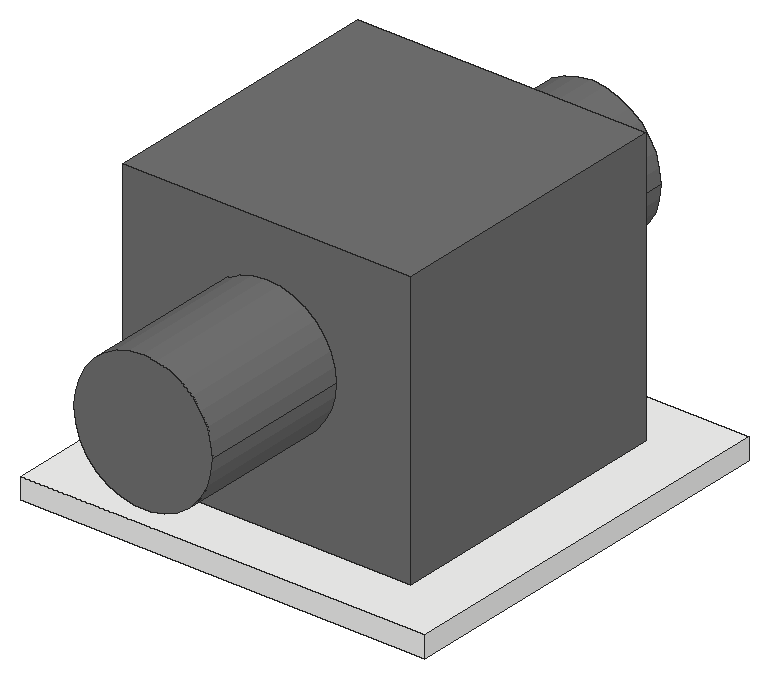
Revit family "vd-10zfvc7_50Hz", category 機械設備, Revit 2019
Family settings
  丸型コネクタ寸法 = 直径を使用
  パーツ タイプ = 標準
  OmniClass 番号 = 23.75.35.17.27
  OmniClass タイトル = Centrifugal Fans
  作業面ベース = いいえ
  常に垂直 = はい
  ロード時にボイドで切り取り = いいえ
  共有 = いいえ
  部屋計算ポイント = はい
Parameters (values of type "VD-10ZFVC7")
  騒音レベル(dB(A)) [instance] = 27
  風量 [instance] = 120.0 m³/h
  電源種別 [instance] = ""
  電圧 = 100 V
  電動機出力 = 0 W
  電動機_種別 [instance] = ""
  運転質量 = 0.00 kg
  連動 [instance] = ""
  質量 = if(製品質量 > 運転質量, 製品質量, 運転質量) * 1.2  # 2.28 kg
  負荷分類 = 3_ファン類
  説明 = "ダクト用換気扇 2部屋換気用 低騒音形 24時間換気機能付 定風量タイプ"
  設計風量 [instance] = 0.0 m³/h
  設置方法 = "天埋"
  記号 [instance] = ""
  製造元 = "三菱電機株式会社"
  製品質量 = 1.90 kg
  製品出荷対象 = "国内"
  製品リリース年月 = "2024年6月3日"
  製品グループ = ""
  系統 [instance] = ""
  符号 [instance] = if(☑給気／□排気, "FS", "FE")  # "FE"
  積算_科目 = "2 換気設備"
  積算_拾い区分 [instance] = ""
  相 = 1
  盤記号 [instance] = ""
  発停方法 [instance] = ""
  特殊仕様 [instance] = ""
  火災停止 [instance] = ""
  消費電力 = 3.3 W
  法定耐用年数 = "15"
  機外静圧 [instance] = 78.0 Pa
  極数 = 2
  材質 [instance] = ""
  操作・制御方式 = ""
  操作・制御スイッチ = ""
  排気量 [instance] = if(☑給気／□排気, 0.0 m³/h, 設計風量)  # 0.0 m³/h
  形式 = "天井埋込ダクト形"
  幹線記号 [instance] = ""
  対象室 [instance] = ""
  実風量 [instance] = 0.0 m³/h
  始動方式 [instance] = "直入"
  外気量 [instance] = if(☑給気／□排気, 設計風量, 0.0 m³/h)  # 0.0 m³/h
  呼称 = "天井扇"
  周波数 = 50 Hz
  参照している仕様書等のバージョン = ""
  分類コード = "50052503100030"
  分類グループ = ""
  価格 = 51600
  企業コード = "108420"
  付属品_防振装置 = ""
  付属品 [instance] = ""
  仕様書バージョン = "Version1.0"
  モデル = "VD-10ZFVC7"
  マテリアル = 合成樹脂(黒)
  ファンの種類 = ""
  ダクト径 = 100 mm
  コメント [instance] = ""
  Keynote = ""
  カバーマテリアル = 合成樹脂(白)
  ☑給気／□排気 [instance] = no
  Width = 204 mm
  W1 = 286 mm
  Version = ""
  Uniclass2015Version = "Systems v1.9"
  Uniclass2015Title = "Centrifugal fans"
  Uniclass2015Code = "Pr_65_67_29_12"
  URL = "https://www.mitsubishielectric.co.jp/ldg/wink/qr/002/333564/"
  SpecificationReference = ""
  SpecificationDescription = ""
  Revision = ""
  RAサイズ_D = 98 mm
  RA_Duct_Height = 109 mm
  RA_Duct_Depth = 79 mm
  ProductInformation = ""
  OmniClassCode = "23-33 31 19 11 15"
  MIN風量 = 75.0 m³/h
  MIN静圧 = 57.0 Pa
  MID風量 = 0.0 m³/h
  MID静圧 = 0.0 Pa
  MAX風量 = 120.0 m³/h
  MAX静圧 = 78.0 Pa
  IfcTypeProduct = ""
  IfcProduct = ""
  IfcExportType = "PROPELLORAXIAL"
  IfcExportAs = "IfcFanType"
  Height = 195 mm
  H1 = 15 mm
  EAサイズ_D = 98 mm
  EA_Duct_Height = 109 mm
  EA_Duct_Depth = 109 mm
  Duct_Height = 111 mm
  Duct_Depth = 114 mm
  Duct_Center = 0 mm
  Depth = 208 mm
  D1 = 286 mm
  Author = "三菱電機株式会社"
Reference planes
  plane 1 "中心(正面/背面)": y = 0
  plane 2: z = 0
  plane 3 "中心(左/右)": x = 0
  plane 4: x = -143
  plane 5: x = 143
  plane 6: y = 143
  plane 7: y = -143
  plane 8: x = -102
  plane 9: x = 102
  plane 10: y = 104
  plane 11: y = -104
  plane 12: y = -213
  plane 13: z = 195
  plane 14: z = -15
  plane 15: z = 109
  plane 16: x = 0
  plane 17: y = 183
  plane 18: z = 109
Forms (mm)
  Extrusion 1, solid, material "合成樹脂(黒)" <- "マテリアル", detail levels fine
    sketch origin (0, 0, 0) x (1, 0, 0) y (0, 1, 0)
      loop
        line (-102, 104) -> (-102, -104) -> (102, -104) -> (102, 104) -> (-102, 104)
    from 0 to 195
  Extrusion 2, solid, material "合成樹脂(白)" <- "カバーマテリアル", detail levels fine
    sketch origin (0, 0, 0) x (1, 0, 0) y (0, 1, 0)
      loop
        line (-143, 143) -> (-143, -143) -> (143, -143) -> (143, 143) -> (-143, 143)
    from 0 to -15
  Extrusion 3, solid, material "合成樹脂(黒)" <- "マテリアル", detail levels fine
    sketch origin (0, 0, 0) x (1, 0, 0) y (0, 0, 1)
      loop
        circle (0, 109) r 49
    from 104 to 213
  Extrusion 4, solid, material "合成樹脂(黒)" <- "マテリアル"
    sketch origin (0, 0, 0) x (1, 0, 0) y (0, 0, 1)
      loop
        circle (0, 109) r 49
    from -183 to -104
Dimensions and locks
  equal spacing: plane 4, plane 3 "中心(左/右)", plane 5
  "W1": plane 4 to plane 5
  equal spacing: plane 6, plane 1 "中心(正面/背面)", plane 7
  "D1": plane 6 to plane 7
  equal spacing: plane 8, plane 3 "中心(左/右)", plane 9
  "Width": plane 8 to plane 9
  equal spacing: plane 10, plane 1 "中心(正面/背面)", plane 11
  "Depth": plane 10 to plane 11
  "EA_Duct_Depth": plane 11 to plane 12
  "Height": plane 13 to plane 2
  "EA_Duct_Height": plane 15 to plane 2
  "H1": plane 2 to plane 14
  "Duct_Center": plane 3 "中心(左/右)" to plane 16
  "RA_Duct_Height": level to plane 18
  "RA_Duct_Depth": plane 17 to plane 10
  "EAサイズ_D": diameter of Extrusion 3 sketch curve
  "RAサイズ_D": diameter of Extrusion 4 sketch curve
  aligned and locked: level to plane 2
  aligned and locked: plane 5 to Extrusion 2
  aligned and locked: plane 6 to Extrusion 2
  aligned and locked: Extrusion 2 to plane 4
  aligned and locked: Extrusion 2 to plane 7
  aligned and locked: plane 9 to Extrusion 1
  aligned and locked: Extrusion 1 to plane 11
  aligned and locked: Extrusion 1 to plane 8
  aligned and locked: plane 10 to Extrusion 1
  aligned and locked: plane 13 to Extrusion 1
  aligned and locked: Extrusion 2 to plane 14
  aligned and locked: level to Extrusion 2
  aligned and locked: Extrusion 1 to level
  aligned and locked: Extrusion 3 to plane 12
  aligned and locked: plane 11 to Extrusion 3
  aligned and locked: plane 17 to Extrusion 4
  aligned and locked: Extrusion 4 to Extrusion 1
Automatic sketch dimensions
  Extrusion 1 sketch curve to plane 3 "中心(左/右)" = 102 mm
  plane 3 "中心(左/右)" to Extrusion 1 sketch curve = 102 mm
  Extrusion 2 sketch curve to plane 3 "中心(左/右)" = 143 mm
  plane 3 "中心(左/右)" to Extrusion 2 sketch curve = 143 mm
  plane 1 "中心(正面/背面)" to Extrusion 1 sketch curve = 104 mm
  Extrusion 1 sketch curve to plane 1 "中心(正面/背面)" = 104 mm
  plane 1 "中心(正面/背面)" to Extrusion 2 sketch curve = 143 mm
  Extrusion 2 sketch curve to plane 1 "中心(正面/背面)" = 143 mm
  Extrusion 3 sketch curve to plane 15 = 0 mm
  Extrusion 3 sketch curve to plane 16 = 0 mm
  Extrusion 4 sketch curve to plane 3 "中心(左/右)" = 0 mm
  Extrusion 4 sketch curve to plane 18 = 0 mm
Nested families
  nested 1: "記号_天井換気扇_平面" at (0, 0, 0), type "記号_天井換気扇_平面", detail levels coarse+medium
Connectors
  hvac at (0, -213, 109), driven by "ダクト径", driven by "風量", driven by "機外静圧"
    settings: on Extrusion 3, index 1, duct flow 120.0 m³/h, flow factor 0, pres drop 78.0 Pa, loss coef 0, conn angle 0.00°, conn width 304.8 mm, conn height 304.8 mm, conn diameter 100 mm, duct sys type 3, conn prof type 0, flow config 0, flow direction 2, loss method 4, conn ref index -1, conn util no, is conn primary yes, conn desc ""
  electrical at (0, 0, 195), driven by "極数", driven by "負荷分類", driven by "電圧", driven by "消費電力"
    settings: on Extrusion 1, index 2, voltage 100 V, apparent load 3.3 VA, apparent load phase1 0 VA, apparent load phase2 0 VA, apparent load phase3 0 VA, power factor 1, load classification "3_ファン類", number of poles 2, system type 30, power factor state 1, is connector primary yes, connector utility no, sub classification motor no, connector description ""
  hvac at (0, 183, 109), driven by "ダクト径", driven by "機外静圧", driven by "風量"
    settings: on Extrusion 4, index 3, duct flow 120.0 m³/h, flow factor 0, pres drop 78.0 Pa, loss coef 0, conn angle 0.00°, conn width 304.8 mm, conn height 304.8 mm, conn diameter 100 mm, duct sys type 2, conn prof type 0, flow config 0, flow direction 1, loss method 4, conn ref index -1, conn util no, is conn primary no, conn desc ""
Definition of nested family "記号_天井換気扇_平面"
  Reference planes
    plane 1: y = 0
    plane 2: x = 0
  Lines and regions (mm)
    detail lines
      curve 1: line (-2.5, 2.5, 0) -> (2.5, 2.5, 0)
      curve 2: line (-2.5, -2.5, 0) -> (-2.5, 2.5, 0)
      curve 3: line (2.5, -2.5, 0) -> (-2.5, -2.5, 0)
      curve 4: line (2.5, 2.5, 0) -> (2.5, -2.5, 0)
      curve 5: circle (-1.04, -1.04, 0) r 1.46 normal (0, 0, 1)
      curve 6: circle (1.04, 1.04, 0) r 1.46 normal (0, 0, 1)
      curve 7: line (-3.125, 3.125, 0) -> (3.125, 3.125, 0)
      curve 8: line (-3.125, -3.125, 0) -> (-3.125, 3.125, 0)
      curve 9: line (3.125, -3.125, 0) -> (-3.125, -3.125, 0)
      curve 10: line (3.125, 3.125, 0) -> (3.125, -3.125, 0)
      curve 11: circle (1.295, 1.295, 0) r 1.83 normal (0, 0, 1)
      curve 12: circle (-1.295, -1.295, 0) r 1.83 normal (0, 0, 1)
      curve 13: line (-2, 2, 0) -> (2, 2, 0)
      curve 14: line (-2, -2, 0) -> (-2, 2, 0)
      curve 15: line (2, -2, 0) -> (-2, -2, 0)
      curve 16: line (2, 2, 0) -> (2, -2, 0)
      curve 17: circle (0.84, 0.84, 0) r 1.16 normal (0, 0, 1)
      curve 18: circle (-0.84, -0.84, 0) r 1.2 normal (0, 0, 1)
